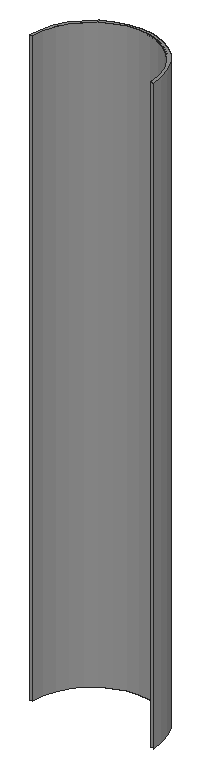
Revit family "Curved Walls Column Cap", category Generic Models, Revit 2016
Family settings
  Part Type = Normal
  Can host rebar = No
  Round Connector Dimension = Use Diameter
  Work Plane-Based = Yes
  Always vertical = No
  Cut with Voids When Loaded = No
  Shared = No
  Room Calculation Point = No
Parameters (values of type "1/2" Thk. x Custom R")
  URL = "www.curvedwalls.ca"
  Manufacturer = "Curved Walls Inc"
  Height [instance] = 8' - 0"
  GWB Thickness (1/2") = 0' - 0 1/2"
  Description = "Prefabricated Drywall Profiles"
  Default Elevation = 0' - 0"
  Radius (6" & 12" Standard) = 0' - 10"
Types (3): name | Radius (6" & 12" Standard)
  1/2" Thk. x 6" R | 0' - 6"
  1/2" Thk. x 12" R | 1' - 0"
  1/2" Thk. x Custom R | 0' - 10"
Reference planes (in)
  plane 1 "Center (Front/Back)": y = 0
  plane 2: z = 0
  plane 3 "Center (Left/Right)": x = 0
  plane 4: z = 96
Forms (in)
  Extrusion 1, solid, material "Gypsum Wall Board - Curved Walls"
    sketch origin (0, 0, 0) x (1, 0, 0) y (0, 1, 0)
      loop
        line (-10, 0) -> (-9.5, 0)
        arc (-9.5, 0) -> (0, 9.5) -> (9.5, 0) r 9.5
        line (9.5, 0) -> (10, 0)
        arc (10, 0) -> (0, 10) -> (-10, 0) r 10
    from 0 to 96
Dimensions and locks (in)
  "Height": plane 4 to plane 2
  "GWB Thickness (1/2")": Extrusion 1 sketch curve to Extrusion 1 sketch curve  (x2)
  "Radius (6" & 12" Standard)": radius of Extrusion 1 sketch curve
  aligned and locked: plane 2 to level
  aligned and locked: plane 1 "Center (Front/Back)" to Extrusion 1 sketch curve
  aligned and locked: plane 3 "Center (Left/Right)" to Extrusion 1 sketch curve
  aligned and locked: Extrusion 1 sketch curve to plane 1 "Center (Front/Back)"  (x2)
  aligned and locked: Extrusion 1 to plane 4
  aligned and locked: Extrusion 1 to level
